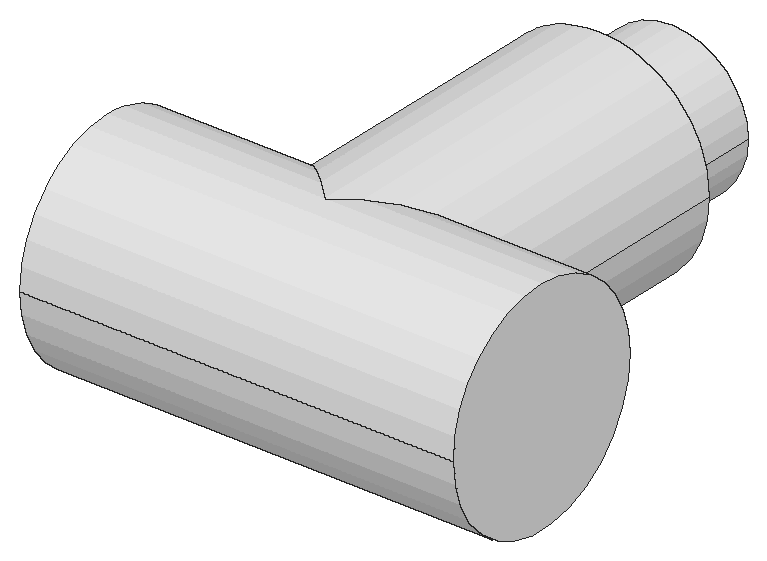
Revit family "BIMLIB_Тройник_комбинированный_НР_РОСТерм", category Соединительные детали трубопроводов, Revit 2017
Family settings
  Размер круглого соединителя = Использовать диаметр
  Тип детали = Тройник
  На основе рабочей плоскости = Нет
  Всегда вертикально = Да
  При загрузке вырезать с полостями = Нет
  Общий = Нет
Parameters (values of type "Тройник комбинированный НР 90°")
  Описание = "Тройник комбинированный, внутренняя резьба."
  Изготовитель = "РОСТерм"  # constant formula
  URL = "http://rostherm.ru/"
  РТ_L2 = 12 mm
  РТ_L1 [instance] = size_lookup("наименование", "РТ_L1", 0 mm, РТ_DN)  # 45 mm
  РТ_L [instance] = size_lookup("наименование", "РТ_L", 0 mm, РТ_DN)  # 57 mm
  РТ_G [instance] = 20 mm
  РТ_DN [instance] = 20 mm
  РТ_D [instance] = size_lookup("наименование", "РТ_D", 0 mm, РТ_DN)  # 29 mm
  BL_Разработано = "support@bimlib.ru"  # constant formula
  BL_Email = "rostherm@bimlib.ru"  # constant formula
  BL_BIM library = "https://bimlib.pro/manufacturer/rosterm/1632/"
  ADSK_Расход жидкости [instance] = 0.0 L/s
  ADSK_Примечание = ""
  ADSK_Позиция = ""
  ADSK_Обозначение = "ГОСТ 32415-2013"  # constant formula
  ADSK_Наименование краткое [instance] = size_lookup("Крнаим", "", "-", РТ_DN, РТ_G)  # "Тройник комбинированный НР 90°, 20-3/4\""
  ADSK_Наименование [instance] = size_lookup("наименование", "", "-", РТ_DN, РТ_G)  # "Тройник комбинированный наружная резьба 90°, 20-3/4\""
  ADSK_Материал = BIMLIB_Белый_РT
  ADSK_Масса_Текст = ""
  ADSK_Масса = 0
  ADSK_Марка = ""
  ADSK_Код изделия [instance] = size_lookup("артикул", "", "-", РТ_DN, РТ_G)  # "TM20-34"
  ADSK_Завод-изготовитель = "РОСТерм"  # constant formula
  ADSK_Единица измерения = "шт"  # constant formula
  ADSK_Версия Revit = "2017"
  ADSK_URL страницы изделия = "http://rostherm.ru/truby-i-fitingi-iz-polipropilena-pprt/"
  ADSK_URL документации изделия = "http://rostherm.ru/"
Reference planes
  plane 1 "По центру (Вперед/Назад)": y = 0
  plane 2: z = 0
  plane 3 "По центру (Влево/Вправо)": x = 0
  plane 4: x = -28.5
  plane 5: x = 28.5
  plane 6: y = 45
  plane 7: y = 57
Forms (mm)
  Extrusion 1, solid, material "BIMLIB_Белый_РT" <- "ADSK_Материал", detail levels medium+fine
    sketch origin (0, 0, 0) x (0, 1, 0) y (0, 0, 1)
      loop
        circle (0, 0) r 14.5
    from -28.5 to 28.5
  Extrusion 2, solid, material "BIMLIB_Белый_РT" <- "ADSK_Материал", detail levels medium+fine
    sketch origin (0, 0, 0) x (1, 0, 0) y (0, 0, 1)
      loop
        circle (0, 0) r 14.5
    from -45 to 0
  Extrusion 3, solid, material "BIMLIB_Белый_РT", detail levels medium+fine
    sketch origin (0, 0, 0) x (1, 0, 0) y (0, 0, 1)
      loop
        circle (0, 0) r 10
    from -57 to -45
Cuts and joins
  joined: Extrusion 1, Extrusion 2
Lines and regions (mm)
  reference lines
    curve 1: line (0, 45, 0) -> (0, 0, 0)
    curve 2: line (28.5, 0, 0) -> (-28.5, 0, 0)
Dimensions and locks
  equal spacing: plane 4, plane 3 "По центру (Влево/Вправо)", plane 5
  "РТ_L": plane 4 to plane 5
  "РТ_L1": plane 6 to plane 1 "По центру (Вперед/Назад)"
  "РТ_L2": plane 7 to plane 6
  "РТ_D": diameter of Extrusion 1 sketch curve
  "РТ_D": diameter of Extrusion 2 sketch curve
  "РТ_G": diameter of Extrusion 3 sketch curve
  aligned and locked: level to plane 2
  aligned and locked: Extrusion 1 to plane 4
  aligned and locked: plane 5 to Extrusion 1
  aligned and locked: plane 6 to Extrusion 2
  aligned and locked: plane 1 "По центру (Вперед/Назад)" to Extrusion 2
  aligned and locked: plane 6 to curve 1
  aligned and locked: plane 4 to curve 2
  aligned and locked: plane 5 to curve 2
  aligned and locked: plane 1 "По центру (Вперед/Назад)" to curve 1
  aligned and locked: plane 3 "По центру (Влево/Вправо)" to curve 1
  aligned and locked: plane 1 "По центру (Вперед/Назад)" to curve 2
  aligned and locked: plane 1 "По центру (Вперед/Назад)" to nested 1
  aligned and locked: plane 3 "По центру (Влево/Вправо)" to nested 1
  aligned and locked: plane 7 to Extrusion 3
  aligned and locked: Extrusion 3 to plane 6
Automatic sketch dimensions
  Extrusion 1 sketch curve to level = 0 mm
  Extrusion 1 sketch curve to plane 1 "По центру (Вперед/Назад)" = 0 mm
  Extrusion 2 sketch curve to level = 0 mm
  Extrusion 2 sketch curve to plane 3 "По центру (Влево/Вправо)" = 0 mm
  Extrusion 3 sketch curve to level = 0 mm
  Extrusion 3 sketch curve to plane 3 "По центру (Влево/Вправо)" = 0 mm
Nested families
  nested 1: "УГО тройник" at (0, 0, 0), Длина_ном <- "РТ_L", Высота_ном <- "РТ_L1", type "УГО тройник", detail levels coarse
    with Длина_ном 57 mm, Высота_ном 45 mm
Connectors
  piping at (28.5, 0, 0), diameter 20, driven by "РТ_DN", driven by "ADSK_Расход жидкости"
    settings: on curve 2, index 2, connector inside diameter 609.6 mm, connector length 0 mm, flow factor 0, pipe flow 0.0 L/s, pressure drop 0.0 Pa, fitting loss kfactor 0, connector angle 0.00°, fixture units 0, engagement length 0 mm, angle of deflection 0.00°, flow configuration 0, flow direction 0, fitting loss method 4, system type 28, joint type 0, gender type 0, connector reference index 3, connector utility 0, adjustable connector yes, is connector primary yes, connector description ""
  piping at (-28.5, 0, 0), diameter 20, driven by "РТ_DN", driven by "ADSK_Расход жидкости"
    settings: on curve 2, index 3, connector inside diameter 609.6 mm, connector length 0 mm, flow factor 0, pipe flow 0.0 L/s, pressure drop 0.0 Pa, fitting loss kfactor 0, connector angle 0.00°, fixture units 0, engagement length 0 mm, angle of deflection 0.00°, flow configuration 0, flow direction 0, fitting loss method 4, system type 28, joint type 0, gender type 0, connector reference index 2, connector utility 0, adjustable connector yes, is connector primary no, connector description ""
  piping at (0, 45, 0), diameter 20, driven by "РТ_G", driven by "ADSK_Расход жидкости"
    settings: on curve 1, index 4, connector inside diameter 609.6 mm, connector length 0 mm, flow factor 0, pipe flow 0.0 L/s, pressure drop 0.0 Pa, fitting loss kfactor 0, connector angle 0.00°, fixture units 0, engagement length 0 mm, angle of deflection 0.00°, flow configuration 0, flow direction 0, fitting loss method 4, system type 28, joint type 0, gender type 0, connector reference index -1, connector utility 0, adjustable connector yes, is connector primary no, connector description ""
Definition of nested family "УГО тройник"
  Parameters (values of type "УГО тройник")
    Длина_ном [instance] = 70 mm
    Высота_ном [instance] = 40 mm
  Reference planes
    plane 1 "По центру (Вперед/Назад)": y = 0
    plane 2: z = 0
    plane 3 "По центру (Влево/Вправо)": x = 0
    plane 4: y = 40
    plane 5: x = 35
    plane 6: x = -35
  Lines and regions (mm)
    symbolic lines
      curve 1: line (35, 0, 0) -> (-35, 0, 0)
      curve 2: line (0, 0, 0) -> (0, 40, 0)
      curve 3: line (-5, 40, 0) -> (5, 40, 0)
      curve 4: line (-35, -5, 0) -> (-35, 5, 0)
      curve 5: line (35, -5, 0) -> (35, 5, 0)
    model lines
      curve 6: line (0, 40, 0) -> (0, 0, 0)
      curve 7: line (-35, 0, 0) -> (35, 0, 0)
      curve 8: line (-5, 40, 0) -> (5, 40, 0)
      curve 9: line (35, 5, 0) -> (35, -5, 0)
      curve 10: line (-35, -5, 0) -> (-35, 5, 0)
  Dimensions and locks
    "Высота_ном": plane 4 to plane 1 "По центру (Вперед/Назад)"
    equal spacing: plane 6, plane 3 "По центру (Влево/Вправо)", plane 5
    "Длина_ном": plane 6 to plane 5
    aligned and locked: level to plane 2
    aligned and locked: curve 1 to plane 1 "По центру (Вперед/Назад)"
    aligned and locked: curve 3 to plane 4
    aligned and locked: plane 5 to curve 5
    aligned and locked: plane 6 to curve 4
    aligned and locked: curve 6 to plane 3 "По центру (Влево/Вправо)"
    aligned and locked: plane 1 "По центру (Вперед/Назад)" to curve 7
  Automatic sketch dimensions
    curve 8 to plane 4 = 0 mm
    curve 2 to plane 3 "По центру (Влево/Вправо)" = 0 mm
    curve 8 to curve 2 = 5 mm
    curve 3 to curve 8 = 0 mm  (x2)
    plane 3 "По центру (Влево/Вправо)" to curve 8 = 5 mm
    curve 4 to plane 1 "По центру (Вперед/Назад)" = 5 mm
    curve 5 to plane 1 "По центру (Вперед/Назад)" = 5 mm
    curve 10 to curve 4 = 0 mm
    curve 9 to curve 5 = 0 mm
    curve 10 to curve 7 = 5 mm
    curve 5 to curve 7 = 5 mm
